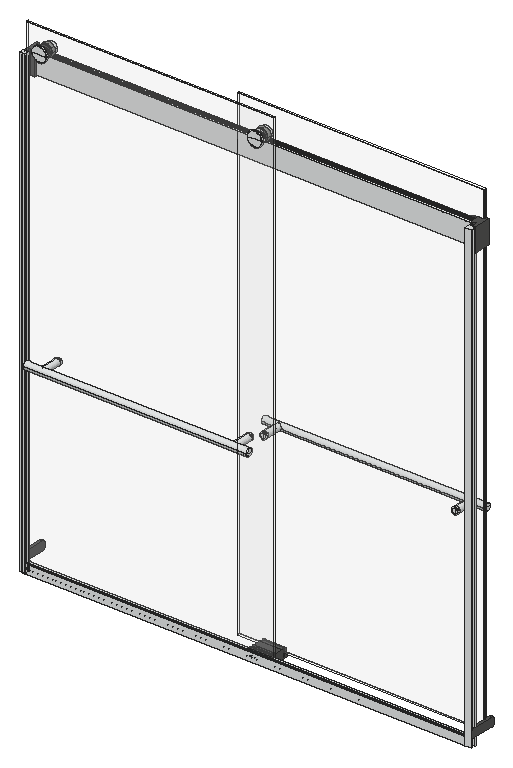
Revit family "Shower-Shower_Door-KOHLER-Levity_Plus-K-702420", category Specialty Equipment, host Face, Revit 2022
Family settings
  Host = Face
  Round Connector Dimension = Use Diameter
  Part Type = Normal
  OmniClass Number = 23.31.17.17
  OmniClass Title = Shower Enclosures
  Cut with Voids When Loaded = No
  Maintain Annotation Orientation = No
  Shared = No
  Room Calculation Point = No
Parameters (values of type "SHP-Bright Polished Silver")
  Width [instance] = Walk Thru + 199/256" + 31 81/256"  # 56.62131"
  WaterSense Certified = 1 = 0  # no
  Walk Thru [instance] = 24.52756"
  URL = "https://www.us.kohler.com/us/"
  Type = 1
  Product Page URL = "http://www.us.kohler.com/us/catalog/productDetails.jsp?productId=702420-L"
  Product Name = "Levity Plus"  # constant formula
  Product Documentation Link = "https://www.us.kohler.com/webassets/kpna/catalog/pdf/en/K-702420-L_spec_US-CA_Kohler_en.pdf"
  Model = if(Type = 1, "K-702420-L-SHP", if(Type = 2, "K-702420-L-BNK", if(Type = 3, "K-702420-L-BL", if(Type = 4, "K-702420-L-2MB", "NA"))))  # "K-702420-L-SHP"
  Material = "Premium Metal Construction"  # constant formula
  Master Format 2014 Name = "Shower Doors"  # constant formula
  Master Format 2014 = "10 28 19.16"  # constant formula
  Manufacturer Address = "444 Highland Dr, Kohler, WI 53044"  # constant formula
  Manufacturer = "KOHLER Co."  # constant formula
  Length = 6 119/128"  # constant formula
  Height = 61 147/256"  # constant formula
  Finish = Kohler-Metal-SHP-Bright_Polished_Silver
  Environmental Product Declaration = ""
  Description = "5/16 BATH DOOR 62 X 59 5/8 TOWEL BAR"  # constant formula
  Default Elevation = 4"
  Declare Label = ""
  Date Modified = "03/16/2022"  # constant formula
  Date Created = "03/16/2022"  # constant formula
  Copyright = "Copyright KOHLER Co."  # constant formula
  Contact Us = "https://www.us.kohler.com/us/static/contact.jsp"
  Assembly Code = "C1030200"
  ADA Compliant = 1 = 0  # no
Reference planes (in)
  plane 1 "Center (Front/Back)": y = 0
  plane 2: z = 0
  plane 3 "Center (Left/Right)": x = 0
  plane 4: x = 24.52756
  plane 5: x = 25.30471
  plane 6: x = 24.96424
  plane 7: x = 22.98835
  plane 8: z = 61.57422
  plane 9: z = 58.11024
  plane 10: z = 55.55118
  plane 11: z = 58.7811
  plane 12: x = -1.99865
  plane 13: x = -28.99865
  plane 14: x = -27.24865
  plane 15: x = 21.23835
  plane 16: x = -31.3166
  plane 17: x = -0.98122
  plane 18: y = 4.34261
  plane 19: y = 4.34261
  plane 20: y = 3.91774
  plane 21: y = -0.5592
  plane 22: y = -2.58708
  plane 23: z = 24.40945
Dimensions and locks (in)
  "Walk Thru": plane 4 to plane 3 "Center (Left/Right)"
  "Width": plane 16 to plane 5
  locked: plane 6 to plane 5 at 0.34046
  locked: plane 4 to plane 5 at 0.77715
  locked: plane 7 to plane 5 at 2.31636
  locked: plane 15 to plane 5 at 4.06636
  "Height": plane 8 to level
  "Length": plane 19 to plane 22
  plane 10 to level = 55.55118"
  plane 23 to level = 24.40945"
  aligned and locked: plane 2 to host face
  aligned and locked: level to host face
  aligned and locked: plane 3 "Center (Left/Right)" to nested 1
  aligned and locked: plane 4 to nested 1
Automatic sketch dimensions
  host sketch curve to host sketch curve = 96"  (x2)
Nested families (in)
  nested 1: "K-702420" at (0, -0.5592, 0), type "K-702420"
Definition of nested family "K-702420"
  Parameters (values of type "K-702420")
    Width = Walk Thru + 0.77559" + 31.31496"  # 56.61811"
    Walk Thru = 24.52756"
    Material = none
    Default Elevation = 0"
  Reference planes (in)
    plane 1 "Center (Front/Back)": y = 0
    plane 2: z = 0
    plane 3 "Center (Left/Right)": x = 0
    plane 4: z = 61.5748
    plane 5: x = -31.3134
    plane 6: x = 24.52756
    plane 7: x = 25.30471
    plane 8: z = 55.55118
    plane 9: z = 58.11024
    plane 10 "A": z = 58.7811
    plane 11: x = -28.99865
    plane 12: x = -1.99865
    plane 13: y = -2.02733
    plane 14: y = 4.9018
    plane 15: y = -1.5837
    plane 16: y = 4.47693
    plane 17 "C": x = 23.02772
    plane 18 "X": z = 56.63127
    plane 19 "D": x = -3.97288
    plane 20: x = 24.96424
    plane 21 "M": x = -27.48798
    plane 22: x = -3.48798
    plane 23 "N": z = 24.40945
    plane 24: x = -29.48798
    plane 25: x = -1.48798
    plane 26 "O": x = -2.54035
    plane 27 "P": x = 21.45965
    plane 28: x = -4.91375
    plane 29: x = -3.03201
    plane 30: x = -2.93431
  Forms (in)
    Extrusion 1, solid
      sketch origin (0, 0, 0) x (1, 0, 0) y (0, 1, 0)
        loop
          line (-31.3134, 2.37158) -> (-31.3134, 0.38563)
          arc (-31.3134, 0.38563) -> (-31.30418, 0.36336) -> (-31.28191, 0.35413) r 0.0315
          line (-31.28191, 0.35413) -> (-31.02523, 0.35413)
          arc (-31.02523, 0.35413) -> (-31.00295, 0.36336) -> (-30.99373, 0.38563) r 0.0315
          line (-30.99373, 0.38563) -> (-30.99373, 0.85734)
          arc (-30.99373, 0.85734) -> (-30.9845, 0.87961) -> (-30.96223, 0.88884) r 0.0315
          line (-30.96223, 0.88884) -> (-30.36006, 0.88884)
          arc (-30.36006, 0.88884) -> (-30.33857, 0.89774) -> (-30.32966, 0.91923) r 0.03039
          line (-30.32966, 0.91923) -> (-30.32966, 2.02115) -> (-30.99701, 2.02858) -> (-30.99701, 2.37088)
          arc (-30.99701, 2.37088) -> (-31.00624, 2.39315) -> (-31.02851, 2.40237) r 0.0315
          line (-31.02851, 2.40237) -> (-31.28261, 2.40237)
          arc (-31.28261, 2.40237) -> (-31.30439, 2.39336) -> (-31.3134, 2.37158) r 0.03079
      from 55.35616 to 58.33005
    Extrusion 2, solid, material <- "Material", detail levels medium+fine
      sketch origin (0, 0, 0) x (1, 0, 0) y (0, 1, 0)
        loop
          line (-30.99165, 0.20982) -> (-30.99165, -0.20982) -> (-30.79705, -0.20982) -> (-30.79705, -0.27247) -> (-31.25589, -0.27247) -> (-31.25589, -0.30702) -> (-30.6559, -0.32797)
          arc (-30.6559, -0.32797) -> (-30.58047, -0.29901) -> (-30.5489, -0.22464) r 0.10339
          line (-30.5489, -0.22464) -> (-30.5489, 0.22464)
          arc (-30.5489, 0.22464) -> (-30.58047, 0.29901) -> (-30.6559, 0.32797) r 0.10339
          line (-30.6559, 0.32797) -> (-31.25589, 0.30702) -> (-31.25589, 0.27247) -> (-30.79705, 0.27247) -> (-30.79705, 0.20982) -> (-30.99165, 0.20982)
        loop
          line (-31.3134, 0.20982) -> (-31.12433, 0.20982) -> (-31.12433, 0) -> (-31.12433, -0.20982) -> (-31.3134, -0.20982) -> (-31.3134, -0.25253) -> (-31.08302, -0.25253) -> (-31.08302, 0) -> (-31.08302, 0.25253) -> (-31.3134, 0.25253) -> (-31.3134, 0.20982)
      from 0.08036 to 58.29324
    Extrusion 3, solid, material <- "Material", detail levels medium+fine
      sketch origin (0, 0, 0) x (1, 0, 0) y (0, 1, 0)
        loop
          line (-30.6559, 0.32797) -> (-31.25589, 0.30702) -> (-31.25589, 0.25253) -> (-31.3134, 0.25253) -> (-31.3134, -0.25253) -> (-31.25589, -0.25253) -> (-31.25589, -0.30702) -> (-30.6559, -0.32797)
          arc (-30.6559, -0.32797) -> (-30.58047, -0.29901) -> (-30.5489, -0.22464) r 0.10339
          line (-30.5489, -0.22464) -> (-30.5489, 0.22464)
          arc (-30.5489, 0.22464) -> (-30.58047, 0.29901) -> (-30.6559, 0.32797) r 0.10339
      from 58.36655 to 58.29324
    Extrusion 4, solid
      sketch origin (0, 0, 0) x (0, 1, 0) y (0, 0, 1)
        loop
          line (2.917, 2.13263) -> (-0.20982, 2.13263) -> (-0.20982, 1.05663) -> (2.93672, 1.05663)
          arc (2.93672, 1.05663) -> (3.10579, 1.12666) -> (3.17581, 1.29573) r 0.23909
          line (3.17581, 1.29573) -> (3.17581, 1.87382)
          arc (3.17581, 1.87382) -> (3.10001, 2.05683) -> (2.917, 2.13263) r 0.25882
      from -30.99165 to -31.3134
    Extrusion 5, solid, material <- "Material"
      sketch origin (0, 0, 0) x (0, 1, 0) y (0, 0, 1)
        loop
          arc (0, 0.33997) -> (0.03474, 0.38326) -> (0.08453, 0.35871) r 0.04434
          line (0.08453, 0.35871) -> (0.11423, 0.29502)
          arc (0.11423, 0.29502) -> (0.14686, 0.27839) -> (0.17089, 0.30603) r 0.02975
          line (0.17089, 0.30603) -> (0.20017, 0.86474)
          arc (0.20017, 0.86474) -> (0.19197, 0.88698) -> (0.17019, 0.89634) r 0.03002
          line (0.17019, 0.89634) -> (0.02343, 0.89634)
          arc (0.02343, 0.89634) -> (-0.02199, 0.94176) -> (0.02343, 0.98718) r 0.04542
          line (0.02343, 0.98718) -> (0.19567, 0.98718)
          arc (0.19567, 0.98718) -> (0.19347, 1.02749) -> (0.15814, 1.04703) r 0.04169
          line (0.15814, 1.04703) -> (-0.19878, 1.04703) -> (-0.19878, 0) -> (0.49474, 0) -> (0.49474, 0.07959) -> (0.14319, 0.07959)
          arc (0.14319, 0.07959) -> (0.04194, 0.12153) -> (0, 0.22278) r 0.14319
          line (0, 0.22278) -> (0, 0.33997)
        loop
          line (0.53901, 0.96058) -> (0.10163, 0.96058)
          arc (0.10163, 0.96058) -> (0.08163, 0.94058) -> (0.10163, 0.92059) r 0.01999
          line (0.10163, 0.92059) -> (0.53901, 0.92059)
          arc (0.53901, 0.92059) -> (0.559, 0.94058) -> (0.53901, 0.96058) r 0.01999
      from -30.99165 to 24.52756
    Revolve 6, solid, material <- "Material", detail levels medium+fine
      sketch origin (27, 0, 58.7811) x (0, -1, 0) y (1, 0, 0)
        loop
          line (0.14044, -28.99865) -> (-1.79905, -28.99865) -> (-1.79905, -29.69269) -> (-1.43263, -29.69269) -> (-1.43263, -29.74488)
          arc (-1.43263, -29.74488) -> (-1.24562, -29.80339) -> (-1.05861, -29.74488) r 0.32812
          line (-1.05861, -29.74488) -> (-1.05861, -29.53477) -> (-0.92215, -29.53477) -> (-0.92215, -29.73162) -> (-0.7253, -29.73162) -> (-0.7253, -29.46245) -> (-0.4133, -29.46245) -> (-0.4133, -29.6593) -> (-0.06827, -29.6593) -> (-0.06827, -29.89414) -> (-0.02811, -29.93431) -> (0.09751, -29.93431) -> (0.14044, -29.89138) -> (0.14044, -28.99865)
        axis (0.14044, -28.99865) -> (-1.79905, -28.99865)
      angle from 0 to 360
    Revolve 7, solid, material <- "Material", detail levels medium+fine
      sketch origin (0, 0, 58.7811) x (0, -1, 0) y (1, 0, 0)
        loop
          line (0.14044, -28.99865) -> (-1.79905, -28.99865) -> (-1.79905, -29.69269) -> (-1.43263, -29.69269) -> (-1.43263, -29.74488)
          arc (-1.43263, -29.74488) -> (-1.24562, -29.80339) -> (-1.05861, -29.74488) r 0.32812
          line (-1.05861, -29.74488) -> (-1.05861, -29.53477) -> (-0.92215, -29.53477) -> (-0.92215, -29.73162) -> (-0.7253, -29.73162) -> (-0.7253, -29.46245) -> (-0.36761, -29.46245) -> (-0.36761, -29.6593) -> (-0.06827, -29.6593) -> (-0.06827, -29.89414) -> (-0.02811, -29.93431) -> (0.09751, -29.93431) -> (0.14044, -29.89138) -> (0.14044, -28.99865)
        axis (0.14044, -28.99865) -> (-1.79905, -28.99865)
      angle from 0 to 360
    Extrusion 8, solid, material <- "Material", detail levels medium+fine
      sketch origin (0, 0, 0) x (0, 1, 0) y (0, 0, 1)
        loop
          line (0.97838, 58.11024) -> (0.97838, 55.55118) -> (1.85747, 55.55118)
          arc (1.85747, 55.55118) -> (1.9, 55.5688) -> (1.91761, 55.61132) r 0.06014
          line (1.91761, 55.61132) -> (1.91761, 55.8826)
          arc (1.91761, 55.8826) -> (1.89894, 55.93897) -> (1.85029, 55.97303) r 0.0944
          line (1.85029, 55.97303) -> (1.85029, 55.89596) -> (1.65621, 55.79963) -> (1.38912, 55.92464) -> (1.38912, 57.53182)
          arc (1.38912, 57.53182) -> (1.41101, 57.58465) -> (1.46384, 57.60654) r 0.07472
          line (1.46384, 57.60654) -> (1.84605, 57.60654) -> (1.84605, 57.43287) -> (1.8957, 57.43287)
          arc (1.8957, 57.43287) -> (1.91735, 57.44184) -> (1.92632, 57.46349) r 0.03062
          line (1.92632, 57.46349) -> (1.92632, 58.05604)
          arc (1.92632, 58.05604) -> (1.91044, 58.09436) -> (1.87212, 58.11024) r 0.0542
          line (1.87212, 58.11024) -> (1.69975, 58.11024) -> (1.69975, 58.0262) -> (1.81407, 58.0262)
          arc (1.81407, 58.0262) -> (1.84489, 58.01343) -> (1.85765, 57.98261) r 0.04358
          line (1.85765, 57.98261) -> (1.85765, 57.82935) -> (1.31287, 57.82935) -> (1.31287, 57.89797) -> (1.44737, 57.95785) -> (1.44737, 58.00188)
          arc (1.44737, 58.00188) -> (1.43926, 58.01681) -> (1.42231, 58.01815) r 0.01781
          line (1.42231, 58.01815) -> (1.24538, 57.93937) -> (1.04592, 58.02818) -> (1.04592, 58.09041)
          arc (1.04592, 58.09041) -> (1.04011, 58.10443) -> (1.02609, 58.11024) r 0.01983
          line (1.02609, 58.11024) -> (0.97838, 58.11024)
      from -30.58824 to 24.52756
    Extrusion 9, solid
      sketch origin (0, 0, 58.7811) x (0, -1, 0) y (1, 0, 0)
        loop
          line (-0.7253, -0.06152) -> (-0.7253, -30.93579)
          arc (-0.7253, -30.93579) -> (-0.5693, -30.99187) -> (-0.4133, -30.93579) r 0.24502
          line (-0.4133, -30.93579) -> (-0.4133, -0.06152)
          arc (-0.4133, -0.06152) -> (-0.5693, 0.00135) -> (-0.7253, -0.06152) r 0.225
      from 2.7937 to -58.06096
    Extrusion 10, solid
      sketch origin (0, 0, 0) x (0, 1, 0) y (0, 0, 1)
        loop
          line (2.79395, 0) -> (2.73913, 1.04611)
          arc (2.73913, 1.04611) -> (2.73201, 1.06155) -> (2.71622, 1.06785) r 0.02294
          line (2.71622, 1.06785) -> (2.58256, 1.06785)
          arc (2.58256, 1.06785) -> (2.56781, 1.06181) -> (2.56152, 1.04717) r 0.02105
          line (2.56152, 1.04717) -> (2.54725, 0.22974)
          arc (2.54725, 0.22974) -> (2.52045, 0.16735) -> (2.45761, 0.14164) r 0.08966
          line (2.45761, 0.14164) -> (2.27292, 0.14164)
          arc (2.27292, 0.14164) -> (2.21358, 0.16532) -> (2.18684, 0.22333) r 0.0862
          line (2.18684, 0.22333) -> (2.14487, 1.02412)
          arc (2.14487, 1.02412) -> (2.13055, 1.05518) -> (2.09879, 1.06785) r 0.04614
          line (2.09879, 1.06785) -> (1.06637, 1.06785)
          arc (1.06637, 1.06785) -> (1.03461, 1.05518) -> (1.02029, 1.02412) r 0.04614
          line (1.02029, 1.02412) -> (0.97833, 0.22333)
          arc (0.97833, 0.22333) -> (0.95158, 0.16532) -> (0.89225, 0.14164) r 0.0862
          line (0.89225, 0.14164) -> (0.70755, 0.14164)
          arc (0.70755, 0.14164) -> (0.64471, 0.16735) -> (0.61791, 0.22974) r 0.08966
          line (0.61791, 0.22974) -> (0.60364, 1.04717)
          arc (0.60364, 1.04717) -> (0.59735, 1.06181) -> (0.5826, 1.06785) r 0.02105
          line (0.5826, 1.06785) -> (0.30693, 1.06785) -> (0.30693, 0.16201) -> (0.47604, 0.16201)
          arc (0.47604, 0.16201) -> (0.50033, 0.15195) -> (0.51039, 0.12766) r 0.03435
          line (0.51039, 0.12766) -> (0.51039, 0.08994)
          arc (0.51039, 0.08994) -> (0.52098, 0.06032) -> (0.54793, 0.04411) r 0.04675
          arc (0.54793, 0.04411) -> (0.76846, 0.01105) -> (0.99117, 0) r 2.24921
          line (0.99117, 0) -> (2.79395, 0)
      from -3.12027 to -0.34077
    Revolve 11, solid, material <- "Material"
      sketch origin (-3.97288, 0, 0) x (0, 0, -1) y (0, -1, 0)
        loop
          line (-57.57086, -2.99093) -> (-57.53008, -3.03171) -> (-56.63127, -3.03171) -> (-56.63127, -1.91129) -> (-57.36736, -1.91129) -> (-57.36736, -2.16793) -> (-57.23745, -2.16793) -> (-57.23745, -2.52933) -> (-57.29546, -2.52933) -> (-57.29546, -2.82297) -> (-57.52921, -2.82297) -> (-57.57086, -2.86461) -> (-57.57086, -2.99093)
        axis (-56.63127, -1.91129) -> (-56.63127, -3.03171)
      angle from 0 to 360
    Revolve 12, solid, material <- "Material"
      sketch origin (23.02772, 0, 0) x (0, 0, -1) y (0, -1, 0)
        loop
          line (-57.57086, -2.99093) -> (-57.53008, -3.03171) -> (-56.63127, -3.03171) -> (-56.63127, -1.91129) -> (-57.36736, -1.91129) -> (-57.36736, -2.16793) -> (-57.23745, -2.16793) -> (-57.23745, -2.52933) -> (-57.29546, -2.52933) -> (-57.29546, -2.82297) -> (-57.52921, -2.82297) -> (-57.57086, -2.86461) -> (-57.57086, -2.99093)
        axis (-56.63127, -1.91129) -> (-56.63127, -3.03171)
      angle from 0 to 360
    Extrusion 13, solid
      sketch origin (0, 0, 58.7811) x (0, -1, 0) y (1, 0, 0)
        loop
          line (-2.40428, 25.30471) -> (-2.40428, 25.10325)
          arc (-2.40428, 25.10325) -> (-2.37444, 25.03121) -> (-2.30241, 25.00137) r 0.10187
          line (-2.30241, 25.00137) -> (-2.09932, 25.00137)
          arc (-2.09932, 25.00137) -> (-2.03657, 24.97538) -> (-2.01058, 24.91264) r 0.08874
          line (-2.01058, 24.91264) -> (-2.01058, 24.37646)
          arc (-2.01058, 24.37646) -> (-1.99255, 24.33292) -> (-1.949, 24.31488) r 0.06158
          line (-1.949, 24.31488) -> (-0.96774, 24.31488)
          arc (-0.96774, 24.31488) -> (-0.9202, 24.33457) -> (-0.90051, 24.38212) r 0.06723
          line (-0.90051, 24.38212) -> (-0.90051, 24.89203)
          arc (-0.90051, 24.89203) -> (-0.8829, 24.93455) -> (-0.84038, 24.95216) r 0.06013
          line (-0.84038, 24.95216) -> (-0.37453, 24.95216)
          arc (-0.37453, 24.95216) -> (-0.34132, 24.96592) -> (-0.32756, 24.99913) r 0.04697
          line (-0.32756, 24.99913) -> (-0.32756, 25.30471) -> (-2.40428, 25.30471)
      from -0.4295 to -3.42639
    Extrusion 14, solid
      sketch origin (0, 0, 0) x (0, 1, 0) y (0, 0, -1)
        loop
          arc (2.917, -2.13263) -> (3.10001, -2.05683) -> (3.17581, -1.87382) r 0.25882
          line (3.17581, -1.87382) -> (3.17581, -1.29573)
          arc (3.17581, -1.29573) -> (3.10579, -1.12666) -> (2.93672, -1.05663) r 0.23909
          line (2.93672, -1.05663) -> (-0.23901, -1.05663) -> (-0.23901, -2.13263) -> (2.917, -2.13263)
      from -24.96424 to -25.30471
    Extrusion 15, solid, material <- "Material"
      sketch origin (0, 0, 58.7811) x (0, -1, 0) y (1, 0, 0)
        loop
          line (-0.32756, 24.52756) -> (0.31775, 24.52756) -> (0.31775, 25.30471) -> (0.23901, 25.30471) -> (0.23901, 24.6063) -> (-0.24882, 24.6063) -> (-0.24882, 25.30471) -> (-0.32756, 25.30471) -> (-0.32756, 24.52756)
      from -58.70152 to -0.5382
    Extrusion 16, solid, material <- "Material"
      sketch origin (0, 0, 0) x (1, 0, 0) y (0, 1, 0)
        loop
          line (25.30471, 0.32756) -> (24.52756, 0.32756) -> (24.52756, -0.31775) -> (25.30471, -0.31775) -> (25.30471, 0.32756)
      from 58.2429 to 58.11024
    Extrusion 17, solid
      sketch origin (0, 0, 58.7811) x (0, -1, 0) y (1, 0, 0)
        loop
          arc (-2.47993, -5.90942) -> (-2.32393, -5.97228) -> (-2.16793, -5.90942) r 0.225
          line (-2.16793, -5.90942) -> (-2.16793, 24.917)
          arc (-2.16793, 24.917) -> (-2.18177, 24.95041) -> (-2.21518, 24.96424) r 0.04724
          line (-2.21518, 24.96424) -> (-2.43259, 24.96424)
          arc (-2.43259, 24.96424) -> (-2.46607, 24.95038) -> (-2.47993, 24.9169) r 0.04735
          line (-2.47993, 24.9169) -> (-2.47993, -5.90942)
      from -58.07652 to 2.7937
    Extrusion 18, solid, material <- "Material", detail levels coarse
      sketch origin (0, 0, 58.7811) x (0, -1, 0) y (1, 0, 0)
        loop
          line (-0.32797, -30.5489) -> (-0.32797, -31.3134) -> (0.32797, -31.3134) -> (0.32797, -30.5489) -> (-0.32797, -30.5489)
      from -58.7811 to -0.45105
    Revolve 19, solid, material <- "Material", detail levels coarse
      sketch origin (0, 0, 58.7811) x (0, -1, 0) y (1, 0, 0)
        loop
          line (0.14044, -28.99865) -> (-1.79905, -28.99865) -> (-1.79905, -29.69269) -> (-1.43263, -29.69269) -> (-1.43263, -29.74488) -> (-1.05861, -29.74488) -> (-1.05861, -29.53477) -> (-0.92215, -29.53477) -> (-0.92215, -29.73162) -> (-0.7253, -29.73162) -> (-0.7253, -29.6593) -> (-0.06827, -29.6593) -> (-0.06827, -29.93431) -> (0.14044, -29.93431) -> (0.14044, -28.99865)
        axis (-1.79905, -28.99865) -> (0.14044, -28.99865)
      angle from 0 to 360
    Revolve 20, solid, material <- "Material", detail levels coarse
      sketch origin (27, 0, 58.7811) x (0, -1, 0) y (1, 0, 0)
        loop
          line (0.14044, -28.99865) -> (-1.79905, -28.99865) -> (-1.79905, -29.69269) -> (-1.43263, -29.69269) -> (-1.43263, -29.74488) -> (-1.05861, -29.74488) -> (-1.05861, -29.53477) -> (-0.92215, -29.53477) -> (-0.92215, -29.73162) -> (-0.7253, -29.73162) -> (-0.7253, -29.6593) -> (-0.06827, -29.6593) -> (-0.06827, -29.93431) -> (0.14044, -29.93431) -> (0.14044, -28.99865)
        axis (-1.79905, -28.99865) -> (0.14044, -28.99865)
      angle from 0 to 360
    Extrusion 21, solid, material <- "Material", detail levels coarse
      sketch origin (0, 0, 0) x (0, 1, 0) y (0, 0, 1)
        loop
          line (0.97838, 58.11024) -> (0.97838, 55.55118) -> (1.92632, 55.55118) -> (1.92632, 58.11024) -> (0.97838, 58.11024)
      from -30.5489 to 24.52756
    Revolve 22, solid, material <- "Material"
      sketch origin (-27.48798, 0, 0) x (0, 1, 0) y (0, 0, 1)
        loop
          line (1.0153, 24.40945) -> (1.0153, 24.78916)
          arc (1.0153, 24.78916) -> (1.00693, 24.80937) -> (0.98672, 24.81774) r 0.02858
          line (0.98672, 24.81774) -> (0.77828, 24.81774)
          arc (0.77828, 24.81774) -> (0.75066, 24.81374) -> (0.7253, 24.80206) r 0.09735
          line (0.7253, 24.80206) -> (-1.5837, 24.80206) -> (-1.5837, 24.40945) -> (1.0153, 24.40945)
        axis (1.0153, 24.40945) -> (-1.5837, 24.40945)
      angle from 0 to 360
    Revolve 23, solid, material <- "Material"
      sketch origin (-3.48798, 0, 0) x (0, 1, 0) y (0, 0, 1)
        loop
          line (1.0153, 24.40945) -> (1.0153, 24.78916)
          arc (1.0153, 24.78916) -> (1.00693, 24.80937) -> (0.98672, 24.81774) r 0.02858
          line (0.98672, 24.81774) -> (0.77828, 24.81774)
          arc (0.77828, 24.81774) -> (0.75066, 24.81374) -> (0.7253, 24.80206) r 0.09735
          line (0.7253, 24.80206) -> (-1.5837, 24.80206) -> (-1.5837, 24.40945) -> (1.0153, 24.40945)
        axis (1.0153, 24.40945) -> (-1.5837, 24.40945)
      angle from 0 to 360
    Revolve 24, solid, material <- "Material", detail levels medium+fine
      sketch origin (0, 0, 24.40945) x (-1, 0, 0) y (0, -1, 0)
        loop
          line (1.48798, 1.5837) -> (29.48798, 1.5837) -> (29.48798, 1.97474) -> (29.43539, 2.02733) -> (1.54209, 2.02733) -> (1.48798, 1.97322) -> (1.48798, 1.5837)
        axis (29.48798, 1.5837) -> (1.48798, 1.5837)
      angle from 0 to 360
    Revolve 25, solid, material <- "Material"
      sketch origin (-2.54035, 0, 0) x (0, 1, 0) y (0, 0, 1)
        loop
          line (1.87663, 24.40945) -> (4.47562, 24.40945) -> (4.47562, 24.80206) -> (2.16662, 24.80206)
          arc (2.16662, 24.80206) -> (2.14127, 24.81374) -> (2.11364, 24.81774) r 0.09735
          line (2.11364, 24.81774) -> (1.90521, 24.81774)
          arc (1.90521, 24.81774) -> (1.885, 24.80937) -> (1.87663, 24.78916) r 0.02858
          line (1.87663, 24.78916) -> (1.87663, 24.40945)
        axis (4.47562, 24.40945) -> (1.87663, 24.40945)
      angle from 0 to 360
    Revolve 26, solid, material <- "Material"
      sketch origin (21.45965, 0, 0) x (0, 1, 0) y (0, 0, 1)
        loop
          line (1.87663, 24.40945) -> (4.47562, 24.40945) -> (4.47562, 24.80206) -> (2.16662, 24.80206)
          arc (2.16662, 24.80206) -> (2.14127, 24.81374) -> (2.11364, 24.81774) r 0.09735
          line (2.11364, 24.81774) -> (1.90521, 24.81774)
          arc (1.90521, 24.81774) -> (1.885, 24.80937) -> (1.87663, 24.78916) r 0.02858
          line (1.87663, 24.78916) -> (1.87663, 24.40945)
        axis (4.47562, 24.40945) -> (1.87663, 24.40945)
      angle from 0 to 360
    Revolve 27, solid, material <- "Material", detail levels medium+fine
      sketch origin (0, 0, 24.40945) x (-1, 0, 0) y (0, -1, 0)
        loop
          line (4.45136, -4.9018) -> (4.50098, -4.85218) -> (4.50098, -4.47693) -> (-23.49902, -4.47693) -> (-23.49902, -4.85155) -> (-23.44877, -4.9018) -> (4.45136, -4.9018)
        axis (4.50098, -4.47693) -> (-23.49902, -4.47693)
      angle from 0 to 360
    Revolve 28, solid, material <- "Material", detail levels coarse
      sketch origin (0, 0, 24.40945) x (-1, 0, 0) y (0, -1, 0)
        loop
          line (1.48798, 1.5837) -> (29.48798, 1.5837) -> (29.48798, 2.02733) -> (1.48798, 2.02733) -> (1.48798, 1.5837)
        axis (1.48798, 1.5837) -> (29.48798, 1.5837)
      angle from 0 to 360
    Revolve 29, solid, material <- "Material", detail levels coarse
      sketch origin (0, 0, 24.40945) x (-1, 0, 0) y (0, -1, 0)
        loop
          line (4.50098, -4.9018) -> (4.50098, -4.47693) -> (-23.49902, -4.47693) -> (-23.49902, -4.9018) -> (4.50098, -4.9018)
        axis (4.50098, -4.47693) -> (-23.49902, -4.47693)
      angle from 0 to 360
  Cuts and joins
    joined: Extrusion 2, Extrusion 3
    joined: Extrusion 15, Extrusion 16
  Lines and regions (in)
    Masking region 1
      outline origin (23.02772, 0, 0) x (0, 0, -1) y (0, -1, 0)
        loop
          line (-61.5748, -0.4133) -> (-61.5748, -0.7253) -> (-59.51407, -0.7253) -> (-59.51407, -0.92215) -> (-59.31722, -0.92215) -> (-59.31722, -1.05861) -> (-59.52733, -1.05861)
          arc (-59.52733, -1.05861) -> (-59.58927, -1.24562) -> (-59.52733, -1.43263) r 0.31327
          line (-59.52733, -1.43263) -> (-59.47514, -1.43263) -> (-59.47514, -1.79905) -> (-58.33005, -1.79905) -> (-58.33005, -2.16793) -> (-61.5748, -2.16793) -> (-61.5748, -2.47993) -> (-57.2375, -2.47993) -> (-57.2375, -2.52933) -> (-57.29546, -2.52933) -> (-57.29546, -2.82297) -> (-57.52921, -2.82297) -> (-57.57086, -2.86461) -> (-57.57086, -2.99093) -> (-57.53008, -3.03171) -> (-55.73246, -3.03171) -> (-55.69168, -2.99093) -> (-55.69168, -2.86461) -> (-55.73333, -2.82297) -> (-55.96708, -2.82297) -> (-55.96708, -2.52933) -> (-56.02504, -2.52933) -> (-56.02504, -2.47993) -> (-24.8029, -2.47993) -> (-24.8029, -4.31556)
          arc (-24.8029, -4.31556) -> (-24.40945, -4.90039) -> (-24.01599, -4.31556) r 0.42477
          line (-24.01599, -4.31556) -> (-24.01599, -2.47993) -> (-2.13263, -2.47993) -> (-2.13263, -2.917)
          arc (-2.13263, -2.917) -> (-2.05683, -3.10001) -> (-1.87382, -3.17581) r 0.25882
          line (-1.87382, -3.17581) -> (-1.29573, -3.17581)
          arc (-1.29573, -3.17581) -> (-1.12666, -3.10579) -> (-1.05663, -2.93672) r 0.23909
          line (-1.05663, -2.93672) -> (-1.05663, -2.73858) -> (0, -2.79395) -> (0, -0.99117)
          arc (0, -0.99117) -> (-0.01105, -0.76846) -> (-0.04411, -0.54793) r 2.24921
          arc (-0.04411, -0.54793) -> (-0.06032, -0.52098) -> (-0.08994, -0.51039) r 0.04675
          line (-0.08994, -0.51039) -> (-0.12766, -0.51039)
          arc (-0.12766, -0.51039) -> (-0.15195, -0.50033) -> (-0.16201, -0.47604) r 0.03435
          line (-0.16201, -0.47604) -> (-0.16201, -0.32756) -> (-0.07959, -0.32756) -> (-0.07959, -0.49474) -> (0, -0.49474) -> (0, 0.19878) -> (-0.08036, 0.19878) -> (-0.08036, 0.32803) -> (-24.01599, 0.32803) -> (-24.01599, 1.37875)
          arc (-24.01599, 1.37875) -> (-24.40945, 2.02733) -> (-24.8029, 1.37875) r 0.44363
          line (-24.8029, 1.37875) -> (-24.8029, 0.32803) -> (-58.36655, 0.32803) -> (-58.36655, 0.14044) -> (-59.67383, 0.14044) -> (-59.7168, 0.09747) -> (-59.7168, -0.02728) -> (-59.67581, -0.06827) -> (-59.44175, -0.06827) -> (-59.44175, -0.36761) -> (-59.2449, -0.36761) -> (-59.2449, -0.4133) -> (-61.5748, -0.4133)
        loop
          line (-1.05663, -0.7253) -> (-1.05663, -1.03622)
          arc (-1.05663, -1.03622) -> (-1.04201, -1.02494) -> (-1.02412, -1.02029) r 0.04614
          line (-1.02412, -1.02029) -> (-0.22333, -0.97833)
          arc (-0.22333, -0.97833) -> (-0.16532, -0.95158) -> (-0.14164, -0.89225) r 0.0862
          line (-0.14164, -0.89225) -> (-0.14164, -0.70755)
          arc (-0.14164, -0.70755) -> (-0.16735, -0.64471) -> (-0.22974, -0.61791) r 0.08966
          line (-0.22974, -0.61791) -> (-0.72015, -0.60935) -> (-0.72015, -0.7253) -> (-1.05663, -0.7253)
        loop
          arc (-0.22974, -2.54725) -> (-0.16735, -2.52045) -> (-0.14164, -2.45761) r 0.08966
          line (-0.14164, -2.45761) -> (-0.14164, -2.27292)
          arc (-0.14164, -2.27292) -> (-0.16532, -2.21358) -> (-0.22333, -2.18684) r 0.0862
          line (-0.22333, -2.18684) -> (-0.70459, -2.16162) -> (-0.70459, -2.47993) -> (-1.05663, -2.47993) -> (-1.05663, -2.56169) -> (-0.22974, -2.54725)
        loop
          line (-2.13263, -0.7253) -> (-19.9478, -0.7253) -> (-24.014, -0.7253)
          arc (-24.014, -0.7253) -> (-24.00212, -0.75724) -> (-23.99808, -0.79109) r 0.14387
          line (-23.99808, -0.79109) -> (-23.99808, -0.98395)
          arc (-23.99808, -0.98395) -> (-24.00726, -1.0061) -> (-24.02941, -1.01528) r 0.03133
          line (-24.02941, -1.01528) -> (-24.40945, -1.01528) -> (-24.78949, -1.01528)
          arc (-24.78949, -1.01528) -> (-24.81164, -1.0061) -> (-24.82082, -0.98395) r 0.03133
          line (-24.82082, -0.98395) -> (-24.82082, -0.79109)
          arc (-24.82082, -0.79109) -> (-24.81678, -0.75724) -> (-24.8049, -0.7253) r 0.14387
          line (-24.8049, -0.7253) -> (-32.4488, -0.7253) -> (-55.35616, -0.7253) -> (-55.35616, -2.16793) -> (-32.9478, -2.16793) -> (-24.80214, -2.16793)
          arc (-24.80214, -2.16793) -> (-24.81607, -2.13369) -> (-24.82082, -2.09704) r 0.14387
          line (-24.82082, -2.09704) -> (-24.82082, -1.90418)
          arc (-24.82082, -1.90418) -> (-24.81164, -1.88202) -> (-24.78949, -1.87284) r 0.03133
          line (-24.78949, -1.87284) -> (-24.40945, -1.87284) -> (-24.02941, -1.87284)
          arc (-24.02941, -1.87284) -> (-24.00726, -1.88202) -> (-23.99808, -1.90418) r 0.03133
          line (-23.99808, -1.90418) -> (-23.99808, -2.09704)
          arc (-23.99808, -2.09704) -> (-24.00283, -2.13369) -> (-24.01676, -2.16793) r 0.14387
          line (-24.01676, -2.16793) -> (-2.13263, -2.16793) -> (-2.13263, -0.7253)
        loop
          line (-20.0733, -0.4133) -> (-2.13263, -0.4133) -> (-2.13263, -0.32756) -> (-20.0733, -0.32756) -> (-24.01599, -0.32756) -> (-24.01599, -0.4133) -> (-20.0733, -0.4133)
        loop
          line (-55.35616, -0.32756) -> (-55.35616, -0.4133) -> (-32.3233, -0.4133) -> (-24.8029, -0.4133) -> (-24.8029, -0.32756) -> (-32.3233, -0.32756) -> (-55.35616, -0.32756)
    Masking region 2
      outline origin (0, 0, 0) x (1, 0, 0) y (0, 0, 1)
        loop
          line (-30.99192, 61.5748) -> (-30.99192, 58.36655) -> (-31.3134, 58.36655) -> (-31.3134, 0.08036) -> (-30.99165, 0.08036) -> (-30.99165, 0) -> (24.52756, 0) -> (24.52756, 0.07959) -> (25.30471, 0.07959) -> (25.30471, 58.35161) -> (24.96424, 58.35161) -> (24.96424, 61.5748) -> (-30.99192, 61.5748)
    Masking region 3
      outline origin (0, 0, 0) x (1, 0, 0) y (0, 1, 0)
        loop
          line (-31.3134, 3.17581) -> (-31.3134, -0.32797) -> (-30.5489, -0.32797) -> (-30.5489, -0.19878) -> (-27.88153, -0.19878) -> (-27.88153, -1.13945) -> (-29.43477, -1.13945) -> (-29.48798, -1.19265) -> (-29.48798, -1.97474) -> (-29.43539, -2.02733) -> (-1.54209, -2.02733) -> (-1.48798, -1.97322) -> (-1.48798, -1.19418) -> (-1.54209, -1.14006) -> (-3.09444, -1.14006) -> (-3.09444, -0.19878) -> (24.52756, -0.19878) -> (24.52756, -0.31775) -> (25.30471, -0.31775) -> (25.30471, 3.17581) -> (24.96424, 3.17581) -> (24.96424, 2.02713)
          arc (24.96424, 2.02713) -> (24.93973, 2.01482) -> (24.91264, 2.01058) r 0.08874
          line (24.91264, 2.01058) -> (24.37646, 2.01058)
          arc (24.37646, 2.01058) -> (24.32557, 1.98368) -> (24.31915, 1.92648) r 0.06158
          line (24.31915, 1.92648) -> (-0.34077, 1.92648) -> (-0.34077, 2.79395) -> (-3.12027, 2.79395) -> (-3.12027, 1.92648) -> (-30.32966, 1.92648) -> (-30.32966, 2.02115) -> (-30.99165, 2.02852) -> (-30.99165, 3.17581) -> (-31.3134, 3.17581)
        loop
          line (-30.36006, 0.88884) -> (-30.96198, 0.88884)
          arc (-30.96198, 0.88884) -> (-30.98312, 0.88008) -> (-30.99187, 0.85894) r 0.0299
          line (-30.99187, 0.85894) -> (-30.99187, 0.5693)
          arc (-30.99187, 0.5693) -> (-30.97743, 0.65219) -> (-30.93579, 0.7253) r 0.24502
          line (-30.93579, 0.7253) -> (-29.73162, 0.7253) -> (-29.73162, 0.92215) -> (-29.53477, 0.92215) -> (-29.53477, 0.97838) -> (-30.32966, 0.97838) -> (-30.32966, 0.91923)
          arc (-30.32966, 0.91923) -> (-30.33857, 0.89774) -> (-30.36006, 0.88884) r 0.03039
        loop
          line (-28.26569, 0.7253) -> (-27.88217, 0.7253)
          arc (-27.88217, 0.7253) -> (-27.89258, 0.75658) -> (-27.89611, 0.78936) r 0.1542
          line (-27.89611, 0.78936) -> (-27.89611, 0.97838) -> (-28.46254, 0.97838) -> (-28.46254, 0.92215) -> (-28.26569, 0.92215) -> (-28.26569, 0.7253)
        loop
          line (24.31573, 0.97838) -> (-0.34077, 0.97838) -> (-0.34077, 0.7253) -> (-0.06152, 0.7253)
          arc (-0.06152, 0.7253) -> (-0.01312, 0.64869) -> (0.00112, 0.5592) r 0.225
          line (0.00112, 0.5592) -> (24.52756, 0.5592) -> (24.52756, 0.32756) -> (25.01121, 0.32756)
          arc (25.01121, 0.32756) -> (24.978, 0.34132) -> (24.96424, 0.37453) r 0.04697
          line (24.96424, 0.37453) -> (24.96424, 0.84038)
          arc (24.96424, 0.84038) -> (24.94663, 0.8829) -> (24.90412, 0.90051) r 0.06013
          line (24.90412, 0.90051) -> (24.38212, 0.90051)
          arc (24.38212, 0.90051) -> (24.33095, 0.92412) -> (24.31573, 0.97838) r 0.06723
        loop
          line (-27.0938, 0.7253) -> (-3.86684, 0.7253)
          arc (-3.86684, 0.7253) -> (-3.8778, 0.75247) -> (-3.88153, 0.78153) r 0.11495
          line (-3.88153, 0.78153) -> (-3.88153, 0.97838) -> (-27.07986, 0.97838) -> (-27.07986, 0.78936)
          arc (-27.07986, 0.78936) -> (-27.08338, 0.75658) -> (-27.0938, 0.7253) r 0.1542
        loop
          line (-27.09444, -0.19878) -> (-27.09444, -1.13945) -> (-3.88153, -1.13945) -> (-3.88153, -0.19878) -> (-27.09444, -0.19878)
    Masking region 4
      outline origin (0, 0, 24.40945) x (-1, 0, 0) y (0, -1, 0)
        loop
          line (3.07407, -3.03171) -> (4.87169, -3.03171) -> (4.91375, -2.98965) -> (4.91375, -2.86589) -> (4.87082, -2.82297) -> (4.63707, -2.82297) -> (4.63707, -2.47993) -> (5.90942, -2.47993)
          arc (5.90942, -2.47993) -> (5.97228, -2.32393) -> (5.90942, -2.16793) r 0.225
          line (5.90942, -2.16793) -> (4.70962, -2.16793) -> (4.70962, -1.92632) -> (3.23679, -1.92632) -> (3.23679, -2.16793) -> (2.93297, -2.16793) -> (2.93297, -1.92632) -> (2.14774, -1.92632) -> (2.14774, -2.16793) -> (-21.06703, -2.16793) -> (-21.06703, -1.92632) -> (-21.85226, -1.92632) -> (-21.85226, -2.16793) -> (-22.29163, -2.16793) -> (-22.29163, -1.92632) -> (-23.75707, -1.92632) -> (-23.75707, -2.16793) -> (-24.917, -2.16793)
          arc (-24.917, -2.16793) -> (-24.95041, -2.18177) -> (-24.96424, -2.21518) r 0.04724
          line (-24.96424, -2.21518) -> (-24.96424, -2.43437)
          arc (-24.96424, -2.43437) -> (-24.9509, -2.46659) -> (-24.91868, -2.47993) r 0.04556
          line (-24.91868, -2.47993) -> (-23.69191, -2.47993) -> (-23.69191, -2.82297) -> (-23.92566, -2.82297) -> (-23.96683, -2.86413) -> (-23.96683, -2.99141) -> (-23.92652, -3.03171) -> (-23.02772, -3.03171) -> (-22.12891, -3.03171) -> (-22.08801, -2.99081) -> (-22.08801, -2.86473) -> (-22.12977, -2.82297) -> (-22.36352, -2.82297) -> (-22.36352, -2.47993) -> (-21.85226, -2.47993) -> (-21.85226, -4.05206) -> (-23.44877, -4.05206) -> (-23.49902, -4.10231) -> (-23.49902, -4.85155) -> (-23.44877, -4.9018) -> (4.45136, -4.9018) -> (4.50098, -4.85218) -> (4.50098, -4.10169) -> (4.45136, -4.05206) -> (2.93297, -4.05206) -> (2.93297, -2.47993) -> (3.30869, -2.47993) -> (3.30869, -2.82297) -> (3.07494, -2.82297) -> (3.03201, -2.86589) -> (3.03201, -2.98965) -> (3.07407, -3.03171)
        loop
          line (2.14774, -4.05206) -> (2.14774, -2.47993) -> (-21.06703, -2.47993) -> (-21.06703, -4.05206) -> (2.14774, -4.05206)
    symbolic lines, detail levels medium+fine
      curve 1: line (23.02772, 1.79905, 58.33005) -> (23.02772, 0.4133, 58.33005)
      curve 2: line (23.02772, 1.43263, 59.47514) -> (23.02772, 1.43263, 58.33005)
      curve 3: line (23.02772, 1.05861, 59.31722) -> (23.02772, 1.05861, 58.33005)
      curve 4: line (23.02772, 0.92215, 59.31722) -> (23.02772, 0.92215, 58.33005)
      curve 5: line (23.02772, 0.7253, 59.51407) -> (23.02772, 0.7253, 58.33005)
      curve 6: line (23.02772, 0.4133, 59.2449) -> (23.02772, 0.4133, 58.33005)
      curve 7: line (23.02772, 0.36761, 59.2449) -> (23.02772, 0.36761, 58.33005)
      curve 8: line (23.02772, -0.20325, 58.36655) -> (23.02772, 0.32756, 58.36655)
      curve 9: line (23.02772, 0.06827, 59.44175) -> (23.02772, 0.06827, 58.36655)
      curve 10: line (23.02772, -0.09747, 59.7168) -> (23.02772, -0.09747, 58.36655)
      curve 11: line (23.02772, 0.02728, 59.7168) -> (23.02772, 0.02728, 58.36655)
      curve 12: line (23.02772, 2.16793, 55.35616) -> (23.02772, 2.40237, 55.35616)
      curve 13: line (23.02772, 2.40237, 55.35616) -> (23.02772, 2.40237, 58.33005)
      curve 14: line (23.02772, 2.82297, 55.96708) -> (23.02772, 2.82297, 57.29546)
      curve 15: line (23.02772, 2.52933, 56.02509) -> (23.02772, 2.52933, 57.2375)
      curve 16: line (23.02772, 2.47993, 57.2375) -> (23.02772, 2.47993, 56.02504)
      curve 17: line (23.02772, 2.86461, 55.69168) -> (23.02772, 2.86461, 57.57086)
      curve 18: line (23.02772, 2.99093, 57.57086) -> (23.02772, 2.99093, 55.69168)
      curve 19: line (23.02772, 2.16793, 58.33005) -> (23.02772, 2.40237, 58.33005)
      curve 20: line (23.02772, 0.7253, 55.35616) -> (23.02772, 0.4133, 55.35616)
      curve 21: line (23.02772, 0.32756, 55.35616) -> (23.02772, 0.32756, 58.36655)
      curve 22: line (23.02772, 0.4133, 58.33005) -> (23.02772, 0.35413, 58.33005)
      curve 23: line (23.02772, 0.35413, 58.33005) -> (23.02772, 0.35413, 55.35616)
      curve 24: line (23.02772, -0.20982, 58.29324) -> (23.02772, -0.20982, 0.08036)
      curve 25: line (23.02772, 0.27247, 58.29324) -> (23.02772, -0.27247, 58.29324)
      curve 26: line (23.02772, 0.20982, 0.08036) -> (23.02772, 0.20982, 58.29324)
      curve 27: line (23.02772, 0.27247, 0.08036) -> (23.02772, 0.27247, 58.29324)
      curve 28: line (23.02772, -0.27247, 58.29324) -> (23.02772, -0.27247, 0.08036)
      curve 29: line (23.02772, 2.73858, 1.05663) -> (23.02772, 2.56169, 1.05663)
      curve 30: line (23.02772, 2.47993, 1.05663) -> (23.02772, 1.03622, 1.05663)
      curve 31: line (23.02772, 2.16793, 0.70459) -> (23.02772, 2.16793, 1.05663)
      curve 32: line (23.02772, 0.60935, 0.72015) -> (23.02772, 0.4133, 0.72015)
      curve 33: line (23.02772, 0.4133, 0.72015) -> (23.02772, 0.4133, 1.05663)
      curve 34: line (23.02772, -0.20982, 0.08036) -> (23.02772, 0.32803, 0.08036)
      curve 35: line (23.02772, 2.47993, 2.13263) -> (23.02772, 2.16793, 2.13263)
      curve 36: line (23.02772, 0.7253, 2.13263) -> (23.02772, 0.4133, 2.13263)
      curve 37: line (23.02772, 0.32756, 2.13263) -> (23.02772, 0.27247, 2.13263)
      curve 38: line (23.02772, 0.7253, 1.05663) -> (23.02772, 0.27247, 1.05663)
      curve 39: line (23.02772, 0.30693, 1.05663) -> (23.02772, 0.30693, 0.08036)
      curve 40: line (-30.99192, 0, 58.36655) -> (-30.5489, 0, 58.36655)
      curve 41: line (-30.5489, 0, 58.36655) -> (-30.5489, 0, 0.08036)
      curve 42: line (-30.99165, 0, 0.08036) -> (-30.5489, 0, 0.08036)
      curve 43: line (-30.5489, 0, 1.04703) -> (24.52756, 0, 1.04703)
      curve 44: circle (-28.99865, 0, 58.7811) r 0.93903 normal (0, -1, 0)
      curve 45: circle (-28.99865, 0, 58.7811) r 0.89273 normal (0, -1, 0)
      curve 46: circle (-1.99865, 0, 58.7811) r 0.93903 normal (0, -1, 0)
      curve 47: circle (-1.99865, 0, 58.7811) r 0.89273 normal (0, -1, 0)
      curve 48: line (0, 0, 61.5748) -> (0, 0, 0)
      curve 49: line (24.96424, 0, 58.35161) -> (24.31488, 0, 58.35161)
      curve 50: line (24.31488, 0, 58.35161) -> (24.31488, 0, 55.35471)
      curve 51: line (24.31488, 0, 55.35471) -> (24.52756, 0, 55.35471)
      curve 52: line (24.52756, 0, 58.2429) -> (24.52756, 0, 0.07959)
      curve 53: line (24.52756, 0, 58.2429) -> (25.30471, 0, 58.2429)
      curve 54: line (0, 0, 58.11024) -> (24.31488, 0, 58.11024)
      curve 55: line (0, 0, 55.55118) -> (24.31488, 0, 55.55118)
      curve 56: line (21.45965, 2.16662, 24.01683) -> (21.45965, 2.16662, 24.80423)
      curve 57: line (21.45965, 2.47993, 24.01599) -> (21.45965, 2.47993, 24.8029)
      curve 58: arc (21.45965, 4.31556, 24.01599) -> (21.45965, 4.05206, 24.40945) -> (21.45965, 4.31556, 24.8029) r 0.4255
      curve 59: arc (21.45965, 4.85218, 24.40945) -> (21.45965, 4.47693, 24.78469) -> (21.45965, 4.10169, 24.40945) r 0.37525
      curve 60: arc (21.45965, 4.10169, 24.40945) -> (21.45965, 4.47693, 24.0342) -> (21.45965, 4.85218, 24.40945) r 0.37525
      curve 61: line (21.45965, 0.7253, 24.014) -> (21.45965, 0.7253, 24.8049)
      curve 62: line (21.45965, 0.4133, 24.8029) -> (21.45965, 0.4133, 24.01599)
      curve 63: line (21.45965, 0.32756, 24.8029) -> (21.45965, 0.32756, 24.01599)
      curve 64: line (21.45965, -0.32803, 24.8029) -> (21.45965, -0.32803, 24.01599)
      curve 65: arc (21.45965, -1.97474, 24.40945) -> (21.45965, -1.5837, 24.80049) -> (21.45965, -1.19265, 24.40945) r 0.39104
      curve 66: arc (21.45965, -1.19265, 24.40945) -> (21.45965, -1.5837, 24.01841) -> (21.45965, -1.97474, 24.40945) r 0.39104
      curve 67: arc (21.45965, -1.37875, 24.01599) -> (21.45965, -1.14006, 24.40945) -> (21.45965, -1.37875, 24.8029) r 0.44363
      curve 68: circle (21.45965, 0, 24.40945) r 0.39262 normal (0, -1, 0)
      curve 69: line (-29.48798, 0, 24.40945) -> (-29.48798, 0, 24.80057)
      curve 70: line (-29.43539, 0, 24.85316) -> (-1.54237, 0, 24.85316)
      curve 71: line (-1.54237, 0, 24.85316) -> (-1.48798, 0, 24.79878)
      curve 72: line (-1.48798, 0, 24.79878) -> (-1.48798, 0, 24.40945)
      curve 73: line (-29.43539, 0, 24.85316) -> (-29.48798, 0, 24.80057)
      curve 74: line (-29.48798, 0, 24.40945) -> (-29.48798, 0, 24.01833)
      curve 75: line (-29.43539, 0, 23.96574) -> (-1.54237, 0, 23.96574)
      curve 76: line (-1.54237, 0, 23.96574) -> (-1.48798, 0, 24.02012)
      curve 77: line (-1.48798, 0, 24.02012) -> (-1.48798, 0, 24.40945)
      curve 78: line (-29.43539, 0, 23.96574) -> (-29.48798, 0, 24.01833)
      curve 79: line (-29.43539, 0, 23.96574) -> (-29.43539, 0, 24.85316)
      curve 80: line (-1.54237, 0, 23.96574) -> (-1.54237, 0, 24.85316)
      curve 81: line (24.52756, -0.19878, 24.40945) -> (24.52756, 0.32756, 24.40945)
      curve 82: line (24.31573, 0.97838, 24.40945) -> (24.31573, 1.93883, 24.40945)
      curve 83: line (25.30471, 2.40428, 24.40945) -> (25.10325, 2.40428, 24.40945)
      curve 84: arc (25.10325, 2.40428, 24.40945) -> (25.03121, 2.37444, 24.40945) -> (25.00137, 2.30241, 24.40945) r 0.10187
      curve 85: line (25.00137, 2.30241, 24.40945) -> (25.00137, 2.09932, 24.40945)
      curve 86: arc (25.00137, 2.09932, 24.40945) -> (24.99155, 2.05873, 24.40945) -> (24.96424, 2.02713, 24.40945) r 0.08874
      curve 87: line (24.99913, 0.32756, 24.40945) -> (25.30471, 0.32756, 24.40945)
      curve 88: line (22.29163, 2.16793, 24.40945) -> (23.75707, 2.16793, 24.40945)
      curve 89: line (22.36352, 2.47993, 24.40945) -> (23.69191, 2.47993, 24.40945)
      curve 90: line (22.36352, 2.82297, 24.40945) -> (23.69191, 2.82297, 24.40945)
      curve 91: line (22.08801, 2.99081, 24.40945) -> (23.96683, 2.99141, 24.40945)
      curve 92: line (22.08801, 2.86473, 24.40945) -> (23.96683, 2.86413, 24.40945)
      curve 93: line (23.44877, 4.05206, 24.40945) -> (23.44877, 4.9018, 24.40945)
      curve 94: line (21.06703, 2.47993, 24.40945) -> (21.85226, 2.47993, 24.40945)
      curve 95: line (21.06703, 2.16793, 24.40945) -> (21.85226, 2.16793, 24.40945)
      curve 96: line (0.09853, 2.47993, 24.40945) -> (-2.14774, 2.47993, 24.40945)
      curve 97: line (0.09853, 2.16793, 24.40945) -> (-2.14774, 2.16793, 24.40945)
      curve 98: line (-4.45136, 4.05206, 24.40945) -> (-4.45136, 4.9018, 24.40945)
      curve 99: line (-2.93297, 4.05206, 24.40945) -> (-2.14774, 4.05206, 24.40945)
      curve 100: line (0.09853, 2.47993, 24.40945) -> (-2.14774, 2.47993, 24.40945)
      curve 101: line (0.09853, 2.16793, 24.40945) -> (-2.14774, 2.16793, 24.40945)
      curve 102: line (-4.91375, 2.98965, 24.40945) -> (-3.03201, 2.98965, 24.40945)
      curve 103: line (-4.91375, 2.86589, 24.40945) -> (-3.03201, 2.86589, 24.40945)
      curve 104: line (-4.63707, 2.82297, 24.40945) -> (-3.30869, 2.82297, 24.40945)
      curve 105: line (-4.63707, 2.47993, 24.40945) -> (-3.30869, 2.47993, 24.40945)
      curve 106: line (-4.70962, 2.16793, 24.40945) -> (-3.23679, 2.16793, 24.40945)
      curve 107: line (-2.93297, 2.47993, 24.40945) -> (-2.93297, 2.16793, 24.40945)
      curve 108: line (-2.14774, 2.47993, 24.40945) -> (-2.14774, 2.16793, 24.40945)
      curve 109: line (-3.12027, 1.92648, 24.40945) -> (-0.34077, 1.92648, 24.40945)
      curve 110: line (-0.34077, 2.54725, 24.40945) -> (-3.12027, 2.54725, 24.40945)
      curve 111: line (-0.34077, 2.08269, 24.40945) -> (-3.12027, 2.08269, 24.40945)
      curve 112: line (-29.43477, -1.13945, 24.40945) -> (-29.43477, -2.02585, 24.40945)
      curve 113: line (-29.69269, 1.79905, 24.40945) -> (-28.30462, 1.79905, 24.40945)
      curve 114: line (-29.74488, 1.43263, 24.40945) -> (-28.25243, 1.43263, 24.40945)
      curve 115: line (-29.74488, 1.05861, 24.40945) -> (-28.25243, 1.05861, 24.40945)
      curve 116: line (-29.73162, 0.92215, 24.40945) -> (-28.26569, 0.92215, 24.40945)
      curve 117: line (-29.69269, 1.79905, 24.40945) -> (-29.69269, 1.43263, 24.40945)
      curve 118: line (-28.30462, 1.79905, 24.40945) -> (-28.30462, 1.43263, 24.40945)
      curve 119: arc (-29.74488, 1.43263, 24.40945) -> (-29.8027, 1.24562, 24.40945) -> (-29.74488, 1.05861, 24.40945) r 0.33133
      curve 120: arc (-28.25243, 1.43263, 24.40945) -> (-28.20532, 1.24562, 24.40945) -> (-28.25243, 1.05861, 24.40945) r 0.39472
      curve 121: line (-29.53477, 0.97838, 24.40945) -> (-29.53477, 1.05861, 24.40945)
      curve 122: line (-28.46254, 0.97838, 24.40945) -> (-28.46254, 1.05861, 24.40945)
      curve 123: line (-30.93579, 0.4133, 24.40945) -> (-0.06152, 0.4133, 24.40945)
      curve 124: arc (-30.93579, 0.4133, 24.40945) -> (-30.97743, 0.48642, 24.40945) -> (-30.99187, 0.5693, 24.40945) r 0.24502
      curve 125: line (-30.54744, -0.19878, 24.40945) -> (-30.54744, 0.32797, 24.40945)
      curve 126: line (-28.063, -0.09751, 24.40945) -> (-29.93431, -0.09751, 24.40945)
      curve 127: line (-28.063, 0.02811, 24.40945) -> (-29.93431, 0.02811, 24.40945)
      curve 128: line (-29.89138, -0.14044, 24.40945) -> (-28.10593, -0.14044, 24.40945)
      curve 129: line (-29.89414, 0.06827, 24.40945) -> (-28.10317, 0.06827, 24.40945)
      curve 130: line (-29.89138, -0.14044, 24.40945) -> (-29.93431, -0.09751, 24.40945)
      curve 131: line (-29.93431, -0.09751, 24.40945) -> (-29.93431, 0.02811, 24.40945)
      curve 132: line (-29.89414, 0.06827, 24.40945) -> (-29.93431, 0.02811, 24.40945)
      curve 133: line (-29.6593, 0.36761, 24.40945) -> (-28.338, 0.36761, 24.40945)
      curve 134: line (-29.6593, 0.36761, 24.40945) -> (-29.6593, 0.06827, 24.40945)
      curve 135: line (-28.338, 0.36761, 24.40945) -> (-28.338, 0.06827, 24.40945)
      curve 136: line (-28.10317, 0.06827, 24.40945) -> (-28.063, 0.02811, 24.40945)
      curve 137: line (-28.063, 0.02811, 24.40945) -> (-28.063, -0.09751, 24.40945)
      curve 138: line (-28.063, -0.09751, 24.40945) -> (-28.10593, -0.14044, 24.40945)
      curve 139: line (-29.73162, 0.7253, 24.40945) -> (-28.26569, 0.7253, 24.40945)
      curve 140: line (-31.28191, 0.35413, 24.40945) -> (-31.02523, 0.35413, 24.40945)
      curve 141: arc (-31.3134, 0.38563, 24.40945) -> (-31.30418, 0.36336, 24.40945) -> (-31.28191, 0.35413, 24.40945) r 0.0315
      curve 142: line (-30.99187, 0.58597, 24.40945) -> (-30.99187, 0.38912, 24.40945)
      curve 143: arc (-31.02523, 0.35413, 24.40945) -> (-31.00106, 0.36448, 24.40945) -> (-30.99187, 0.38912, 24.40945) r 0.03339
      curve 144: line (-29.46181, 0.4133, 24.40945) -> (-29.46181, 0.36761, 24.40945)
      curve 145: line (-28.53485, 0.4133, 24.40945) -> (-28.53485, 0.36761, 24.40945)
      curve 146: line (-27.89611, 0.97838, 24.40945) -> (-27.07986, 0.97838, 24.40945)
      curve 147: line (-27.88217, 0.7253, 24.40945) -> (-27.0938, 0.7253, 24.40945)
      curve 148: line (-30.32966, 0.97838, 24.40945) -> (-30.32966, 1.92648, 24.40945)
      curve 149: line (-27.88153, -0.19878, 24.40945) -> (-27.88153, 0.4133, 24.40945)
      curve 150: line (-27.09444, -0.19878, 24.40945) -> (-27.09444, 0.4133, 24.40945)
      curve 151: line (-2.89138, -0.14044, 24.40945) -> (-1.10593, -0.14044, 24.40945)
      curve 152: line (-2.93431, 0.02811, 24.40945) -> (-2.93431, -0.09751, 24.40945)
      curve 153: line (-2.89138, -0.14044, 24.40945) -> (-2.93431, -0.09751, 24.40945)
      curve 154: line (-2.89414, 0.06827, 24.40945) -> (-1.10317, 0.06827, 24.40945)
      curve 155: line (-2.93431, 0.02811, 24.40945) -> (-2.89414, 0.06827, 24.40945)
      curve 156: line (-1.063, -0.09751, 24.40945) -> (-2.93431, -0.09751, 24.40945)
      curve 157: line (-1.063, 0.02811, 24.40945) -> (-2.93431, 0.02811, 24.40945)
      curve 158: line (-1.10593, -0.14044, 24.40945) -> (-1.063, -0.09751, 24.40945)
      curve 159: line (-1.063, -0.09751, 24.40945) -> (-1.063, 0.02811, 24.40945)
      curve 160: line (-1.063, 0.02811, 24.40945) -> (-1.10317, 0.06827, 24.40945)
      curve 161: line (-3.88153, -0.19878, 24.40945) -> (-3.88153, 0.4133, 24.40945)
      curve 162: line (-3.09444, -0.19878, 24.40945) -> (-3.09444, 0.4133, 24.40945)
      curve 163: line (-2.6593, 0.4133, 24.40945) -> (-1.338, 0.4133, 24.40945)
      curve 164: line (-2.6593, 0.4133, 24.40945) -> (-2.6593, 0.06827, 24.40945)
      curve 165: line (-1.338, 0.4133, 24.40945) -> (-1.338, 0.06827, 24.40945)
      curve 166: line (-2.73162, 0.92215, 24.40945) -> (-2.73162, 0.7253, 24.40945)
      curve 167: line (-2.73162, 0.92215, 24.40945) -> (-1.26569, 0.92215, 24.40945)
      curve 168: line (-1.26569, 0.92215, 24.40945) -> (-1.26569, 0.7253, 24.40945)
      curve 169: line (-3.88153, 0.7253, 24.40945) -> (-0.34077, 0.7253, 24.40945)
      curve 170: arc (-0.06152, 0.4133, 24.40945) -> (-0.0169, 0.48054, 24.40945) -> (0.00112, 0.5592, 24.40945) r 0.225
      curve 171: line (-2.69269, 1.79905, 24.40945) -> (-1.30462, 1.79905, 24.40945)
      curve 172: line (-2.7996, 1.43263, 24.40945) -> (-1.19136, 1.43263, 24.40945)
      curve 173: line (-2.69269, 1.79905, 24.40945) -> (-2.69269, 1.43263, 24.40945)
      curve 174: line (-1.30462, 1.79905, 24.40945) -> (-1.30462, 1.43263, 24.40945)
      curve 175: line (-2.7996, 1.05861, 24.40945) -> (-1.19136, 1.05861, 24.40945)
      curve 176: line (-2.7996, 1.05861, 24.40945) -> (-2.7996, 1.43263, 24.40945)
      curve 177: line (-1.19136, 1.05861, 24.40945) -> (-1.19136, 1.43263, 24.40945)
      curve 178: line (-2.5094, 0.92215, 24.40945) -> (-2.5094, 1.05861, 24.40945)
      curve 179: line (-1.48798, 1.05861, 24.40945) -> (-1.48798, 0.92215, 24.40945)
      curve 180: line (-3.88153, 0.97838, 24.40945) -> (-2.5094, 0.97838, 24.40945)
      curve 181: line (-0.34077, 0.97838, 24.40945) -> (-1.48798, 0.97838, 24.40945)
      curve 182: line (-1.54209, -2.02733, 24.40945) -> (-1.54209, -1.14006, 24.40945)
      curve 183: line (-3.88153, -1.13945, 24.40945) -> (-3.09444, -1.13945, 24.40945)
      curve 184: line (-27.88153, -1.13945, 24.40945) -> (-27.09444, -1.13945, 24.40945)
      curve 185: line (21.06703, 4.05206, 24.40945) -> (21.85226, 4.05206, 24.40945)
      curve 186: line (-30.54744, 0.19567, 24.40945) -> (-29.6593, 0.19567, 24.40945)
      curve 187: line (-28.338, 0.19567, 24.40945) -> (-27.88153, 0.19567, 24.40945)
      curve 188: line (-27.09444, 0.19567, 24.40945) -> (-3.88153, 0.19567, 24.40945)
      curve 189: line (-3.09444, 0.97838, 24.40945) -> (-3.09444, 0.7253, 24.40945)
      curve 190: line (-30.32966, 1.69975, 24.40945) -> (-29.69269, 1.69975, 24.40945)
      curve 191: line (-30.32966, 1.45243, 24.40945) -> (-29.69269, 1.45243, 24.40945)
      curve 192: line (-30.32966, 1.24538, 24.40945) -> (-29.8027, 1.24538, 24.40945)
      curve 193: line (-28.30462, 1.69975, 24.40945) -> (-2.69269, 1.69975, 24.40945)
      curve 194: line (-28.30462, 1.44737, 24.40945) -> (-2.69269, 1.44737, 24.40945)
      curve 195: line (-28.20532, 1.24562, 24.40945) -> (-2.7996, 1.24562, 24.40945)
      curve 196: line (-3.09444, 0.19567, 24.40945) -> (-2.6593, 0.19567, 24.40945)
      curve 197: line (-1.338, 0.19628, 24.40945) -> (24.52756, 0.19628, 24.40945)
      curve 198: line (-1.30462, 1.69975, 24.40945) -> (24.31573, 1.69975, 24.40945)
      curve 199: line (-1.30462, 1.45148, 24.40945) -> (24.31573, 1.45148, 24.40945)
      curve 200: line (-1.19136, 1.24562, 24.40945) -> (24.31573, 1.24562, 24.40945)
      curve 201: line (-30.54744, 0.32797, 24.40945) -> (-31.3134, 0.32797, 24.40945)
  Dimensions and locks (in)
    plane 4 to level = 61.5748"
    "Walk Thru": plane 6 to plane 3 "Center (Left/Right)"
    locked: plane 7 to plane 6 at 0.77715
    plane 3 "Center (Left/Right)" to plane 5 = 31.3134"
    "Width": plane 7 to plane 5
    plane 8 to level = 55.55118"
    plane 9 to plane 8 = 2.55906"
    plane 13 to plane 14 = 6.92913"
    locked: plane 7 to plane 20 at 0.34046
    plane 23 "N" to level = 24.40945"
    locked: plane 26 "O" to plane 7 at 27.84506
    locked: plane 27 "P" to plane 7 at 3.84506
    locked: Revolve 27 sketch curve to plane 26 "O" at 1.96063
    locked: Revolve 27 sketch curve to Revolve 27 sketch curve at 28
    locked: Extrusion 14 to Extrusion 17 sketch curve at 30.93653
    locked: plane 19 "D" to plane 26 "O" at 1.43253
    locked: Masking region 3 sketch curve to Masking region 3 sketch curve at 0.76126
    locked: plane 28 to plane 19 "D" at 0.94087
    locked: plane 19 "D" to plane 29 at 0.94087
    locked: plane 17 "C" to plane 7 at 2.27699
    locked: Masking region 4 sketch curve to Masking region 4 sketch curve at 1.32839
    locked: Masking region 4 sketch curve to plane 19 "D" at 0.66419
    locked: Masking region 4 sketch curve to plane 26 "O" at 0.39262
    locked: Masking region 4 sketch curve to Masking region 4 sketch curve at 0.78523
    locked: plane 21 "M" to plane 30 at 24.55367
    locked: plane 30 to curve 164 at 0.275
    locked: plane 30 to curve 166 at 0.20269
    locked: plane 30 to curve 173 at 0.24162
    locked: plane 30 to curve 176 at 0.13471
    locked: plane 30 to curve 178 at 0.42491
    aligned and locked: plane 2 to level
    aligned and locked: plane 6 to Extrusion 5
    aligned and locked: plane 6 to Extrusion 8
    aligned and locked: plane 7 to Extrusion 13 sketch curve
    aligned and locked: plane 7 to Extrusion 14
    aligned and locked: plane 20 to Extrusion 14
    aligned and locked: plane 6 to Extrusion 15 sketch curve
    aligned and locked: plane 7 to Extrusion 15 sketch curve
    aligned and locked: plane 20 to Extrusion 17 sketch curve
    aligned and locked: Extrusion 10 to Masking region 1 sketch curve
    aligned and locked: Masking region 2 sketch curve to plane 7
    aligned and locked: Masking region 2 sketch curve to Extrusion 13
    aligned and locked: Masking region 2 sketch curve to plane 6
    aligned and locked: Extrusion 13 to curve 49
    aligned and locked: Extrusion 9 to Revolve 19 sketch curve
    aligned and locked: plane 7 to Masking region 3 sketch curve
    aligned and locked: plane 6 to Extrusion 21
    aligned and locked: Masking region 3 sketch curve to Extrusion 10
    aligned and locked: Masking region 3 sketch curve to Masking region 3 sketch curve
    aligned and locked: Masking region 4 sketch curve to Revolve 11  (x2)
    aligned and locked: Masking region 4 sketch curve to plane 28
    aligned and locked: Revolve 11 to Masking region 4 sketch curve
    aligned and locked: Masking region 4 sketch curve to Extrusion 17
    aligned and locked: plane 29 to Masking region 4 sketch curve
    aligned and locked: Masking region 4 sketch curve to Revolve 27  (x2)
    aligned and locked: Masking region 4 sketch curve to Masking region 4 sketch curve  (x2)
    aligned and locked: Masking region 4 sketch curve to Revolve 12  (x3)
    aligned and locked: Revolve 12 to Masking region 4 sketch curve
    aligned and locked: Masking region 4 sketch curve to plane 20
